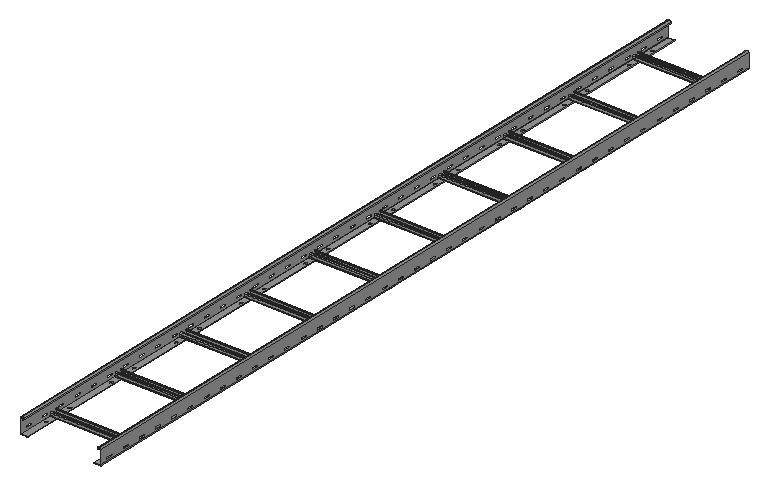
Revit family "Kabelleiter- LG630 VS 3 FS, FT, FT SO", category Generic Models, Revit 2017 (continued)
Forms (mm)
  Extrusion 80, void
    sketch origin (0, 2850, 0) x (0, 1, 0) y (0, 0, 1)
      loop
        arc (50.599, 9.5) -> (51.306, 9.793) -> (51.599, 10.5) r 1
        line (51.599, 10.5) -> (51.599, 17.5)
        arc (51.599, 17.5) -> (51.306, 18.207) -> (50.599, 18.5) r 1
        line (50.599, 18.5) -> (24.599, 18.5)
    from -150 to -148.5
  Extrusion 81, void
    sketch origin (0, 2925, 0) x (0, 1, 0) y (0, 0, 1)
      loop
        arc (24.599, 18.5) -> (23.891, 18.207) -> (23.599, 17.5) r 1
        line (23.599, 17.5) -> (23.599, 10.5)
        arc (23.599, 10.5) -> (23.891, 9.793) -> (24.599, 9.5) r 1
        line (24.599, 9.5) -> (50.599, 9.5)
        arc (50.599, 9.5) -> (51.306, 9.793) -> (51.599, 10.5) r 1
        line (51.599, 10.5) -> (51.599, 17.5)
        arc (51.599, 17.5) -> (51.306, 18.207) -> (50.599, 18.5) r 1
        line (50.599, 18.5) -> (24.599, 18.5)
    from -150 to -148.5
  Extrusion 82, solid, material "Hot-dip galvanised 85 µm" <- "Material"
    sketch origin (0, 0, 0) x (0, 1, 0) y (0, 0, 1)
      loop
        line (138, 13.5) -> (141.5, 13.5) -> (141.5, 15) -> (138, 15)
        arc (138, 15) -> (135.879, 14.121) -> (135, 12) r 3
        line (135, 12) -> (135, 3)
        arc (135, 3) -> (135.879, 0.879) -> (138, 0) r 3
        line (138, 0) -> (162, 0)
        arc (162, 0) -> (164.121, 0.879) -> (165, 3) r 3
        line (165, 3) -> (165, 12)
        arc (165, 12) -> (164.121, 14.121) -> (162, 15) r 3
        line (162, 15) -> (158.5, 15) -> (158.5, 13.5) -> (162, 13.5)
        arc (162, 13.5) -> (163.061, 13.061) -> (163.5, 12) r 1.5
        line (163.5, 12) -> (163.5, 3)
        arc (163.5, 3) -> (163.061, 1.939) -> (162, 1.5) r 1.5
        line (162, 1.5) -> (138, 1.5)
        arc (138, 1.5) -> (136.939, 1.939) -> (136.5, 3) r 1.5
        line (136.5, 3) -> (136.5, 12)
        arc (136.5, 12) -> (136.939, 13.061) -> (138, 13.5) r 1.5
    from -148.5 to 148.5
  Extrusion 83, void
    sketch origin (0, 0, 0) x (1, 0, 0) y (0, 1, 0)
      loop
        circle (131.979, 100.006) r 4.5
    from 0 to 1.5
  Extrusion 84, void
    sketch origin (0, 0, 0) x (1, 0, 0) y (0, 1, 0)
      loop
        circle (132.05, 207.095) r 4.5
    from 0 to 1.5
  Extrusion 85, void
    sketch origin (0, 300, 0) x (1, 0, 0) y (0, 1, 0)
      loop
        circle (131.979, 100.006) r 4.5
    from 0 to 1.5
  Extrusion 86, void
    sketch origin (0, 600, 0) x (1, 0, 0) y (0, 1, 0)
      loop
        circle (131.979, 100.006) r 4.5
    from 0 to 1.5
  Extrusion 87, void
    sketch origin (0, 900, 0) x (1, 0, 0) y (0, 1, 0)
      loop
        circle (131.979, 100.006) r 4.5
    from 0 to 1.5
  Extrusion 88, void
    sketch origin (0, 1200, 0) x (1, 0, 0) y (0, 1, 0)
      loop
        circle (131.979, 100.006) r 4.5
    from 0 to 1.5
  Extrusion 89, void
    sketch origin (0, 1500, 0) x (1, 0, 0) y (0, 1, 0)
      loop
        circle (131.979, 100.006) r 4.5
    from 0 to 1.5
  Extrusion 90, void
    sketch origin (0, 1800, 0) x (1, 0, 0) y (0, 1, 0)
      loop
        circle (131.979, 100.006) r 4.5
    from 0 to 1.5
  Extrusion 91, void
    sketch origin (0, 2100, 0) x (1, 0, 0) y (0, 1, 0)
      loop
        circle (131.979, 100.006) r 4.5
    from 0 to 1.5
  Extrusion 92, void
    sketch origin (0, 2400, 0) x (1, 0, 0) y (0, 1, 0)
      loop
        circle (131.979, 100.006) r 4.5
    from 0 to 1.5
  Extrusion 93, void
    sketch origin (0, 2700, 0) x (1, 0, 0) y (0, 1, 0)
      loop
        circle (131.979, 100.006) r 4.5
    from 0 to 1.5
  Extrusion 94, void
    sketch origin (0, 300, 0) x (1, 0, 0) y (0, 1, 0)
      loop
        circle (132.05, 207.095) r 4.5
    from 0 to 1.5
  Extrusion 95, void
    sketch origin (0, 600, 0) x (1, 0, 0) y (0, 1, 0)
      loop
        circle (132.05, 207.095) r 4.5
    from 0 to 1.5
  Extrusion 96, void
    sketch origin (0, 900, 0) x (1, 0, 0) y (0, 1, 0)
      loop
        circle (132.05, 207.095) r 4.5
    from 0 to 1.5
  Extrusion 97, void
    sketch origin (0, 1200, 0) x (1, 0, 0) y (0, 1, 0)
      loop
        circle (132.05, 207.095) r 4.5
    from 0 to 1.5
  Extrusion 98, void
    sketch origin (0, 1500, 0) x (1, 0, 0) y (0, 1, 0)
      loop
        circle (132.05, 207.095) r 4.5
    from 0 to 1.5
  Extrusion 99, void
    sketch origin (0, 1800, 0) x (1, 0, 0) y (0, 1, 0)
      loop
        circle (132.05, 207.095) r 4.5
    from 0 to 1.5
  Extrusion 100, void
    sketch origin (0, 2100, 0) x (1, 0, 0) y (0, 1, 0)
      loop
        circle (132.05, 207.095) r 4.5
    from 0 to 1.5
  Extrusion 101, void
    sketch origin (0, 2400, 0) x (1, 0, 0) y (0, 1, 0)
      loop
        circle (132.05, 207.095) r 4.5
    from 0 to 1.5
  Extrusion 102, void
    sketch origin (0, 2700, 0) x (1, 0, 0) y (0, 1, 0)
      loop
        circle (132.05, 207.095) r 4.5
    from 0 to 1.5
  Extrusion 103, void
    sketch origin (0, 0, 0) x (1, 0, 0) y (0, 1, 0)
      loop
        circle (-132, 100) r 4.5
    from 0 to 1.5
  Extrusion 104, void
    sketch origin (0, 300, 0) x (1, 0, 0) y (0, 1, 0)
      loop
        circle (-132, 100) r 4.5
    from 0 to 1.5
  Extrusion 105, void
    sketch origin (0, 600, 0) x (1, 0, 0) y (0, 1, 0)
      loop
        circle (-132, 100) r 4.5
    from 0 to 1.5
  Extrusion 106, void
    sketch origin (0, 900, 0) x (1, 0, 0) y (0, 1, 0)
      loop
        circle (-132, 100) r 4.5
    from 0 to 1.5
  Extrusion 107, void
    sketch origin (0, 1200, 0) x (1, 0, 0) y (0, 1, 0)
      loop
        circle (-132, 100) r 4.5
    from 0 to 1.5
  Extrusion 108, void
    sketch origin (0, 1500, 0) x (1, 0, 0) y (0, 1, 0)
      loop
        circle (-132, 100) r 4.5
    from 0 to 1.5
  Extrusion 109, void
    sketch origin (0, 1800, 0) x (1, 0, 0) y (0, 1, 0)
      loop
        circle (-132, 100) r 4.5
    from 0 to 1.5
  Extrusion 110, void
    sketch origin (0, 2100, 0) x (1, 0, 0) y (0, 1, 0)
      loop
        circle (-132, 100) r 4.5
    from 0 to 1.5
  Extrusion 111, void
    sketch origin (0, 2400, 0) x (1, 0, 0) y (0, 1, 0)
      loop
        circle (-132, 100) r 4.5
    from 0 to 1.5
  Extrusion 112, void
    sketch origin (0, 2700, 0) x (1, 0, 0) y (0, 1, 0)
      loop
        circle (-132, 100) r 4.5
    from 0 to 1.5
  Extrusion 113, void
    sketch origin (0, 0, 0) x (1, 0, 0) y (0, 1, 0)
      loop
        circle (-132, 207.053) r 4.5
    from 0 to 1.5
  Extrusion 114, void
    sketch origin (0, 300, 0) x (1, 0, 0) y (0, 1, 0)
      loop
        circle (-132, 207.053) r 4.5
    from 0 to 1.5
  Extrusion 115, void
    sketch origin (0, 600, 0) x (1, 0, 0) y (0, 1, 0)
      loop
        circle (-132, 207.053) r 4.5
    from 0 to 1.5
  Extrusion 116, void
    sketch origin (0, 900, 0) x (1, 0, 0) y (0, 1, 0)
      loop
        circle (-132, 207.053) r 4.5
    from 0 to 1.5
  Extrusion 117, void
    sketch origin (0, 1200, 0) x (1, 0, 0) y (0, 1, 0)
      loop
        circle (-132, 207.053) r 4.5
    from 0 to 1.5
  Extrusion 118, void
    sketch origin (0, 1500, 0) x (1, 0, 0) y (0, 1, 0)
      loop
        circle (-132, 207.053) r 4.5
    from 0 to 1.5
  Extrusion 119, void
    sketch origin (0, 1800, 0) x (1, 0, 0) y (0, 1, 0)
      loop
        circle (-132, 207.053) r 4.5
    from 0 to 1.5
  Extrusion 120, void
    sketch origin (0, 2100, 0) x (1, 0, 0) y (0, 1, 0)
      loop
        circle (-132, 207.053) r 4.5
    from 0 to 1.5
  Extrusion 121, void
    sketch origin (0, 2400, 0) x (1, 0, 0) y (0, 1, 0)
      loop
        circle (-132, 207.053) r 4.5
    from 0 to 1.5
  Extrusion 122, void
    sketch origin (0, 2700, 0) x (1, 0, 0) y (0, 1, 0)
      loop
        circle (-132, 207.053) r 4.5
    from 0 to 1.5
  Extrusion 123, void
    sketch origin (0, 0, 0) x (1, 0, 0) y (0, 1, 0)
      loop
        arc (-6.5, 153.5) -> (-10, 150) -> (-6.5, 146.5) r 3.5
        line (-6.5, 146.5) -> (6.5, 146.5)
        arc (6.5, 146.5) -> (10, 150) -> (6.5, 153.5) r 3.5
        line (6.5, 153.5) -> (-6.5, 153.5)
      loop
        arc (43.5, 153.5) -> (40, 150) -> (43.5, 146.5) r 3.5
        line (43.5, 146.5) -> (56.5, 146.5)
        arc (56.5, 146.5) -> (60, 150) -> (56.5, 153.5) r 3.5
        line (56.5, 153.5) -> (43.5, 153.5)
      loop
        arc (93.5, 153.5) -> (90, 150) -> (93.5, 146.5) r 3.5
        line (93.5, 146.5) -> (106.5, 146.5)
        arc (106.5, 146.5) -> (110, 150) -> (106.5, 153.5) r 3.5
        line (106.5, 153.5) -> (93.5, 153.5)
      loop
        arc (-56.5, 153.5) -> (-60, 150) -> (-56.5, 146.5) r 3.5
        line (-56.5, 146.5) -> (-43.5, 146.5)
        arc (-43.5, 146.5) -> (-40, 150) -> (-43.5, 153.5) r 3.5
        line (-43.5, 153.5) -> (-56.5, 153.5)
      loop
        arc (-104.5, 153.5) -> (-108, 150) -> (-104.5, 146.5) r 3.5
        line (-104.5, 146.5) -> (-91.5, 146.5)
        arc (-91.5, 146.5) -> (-88, 150) -> (-91.5, 153.5) r 3.5
        line (-91.5, 153.5) -> (-104.5, 153.5)
    from 0 to 1.46
  Extrusion 124, solid, not visible
    sketch origin (0, 0, 0) x (0, 1, 0) y (0, 0, 1)
      loop
        line (138, 13.5) -> (141.5, 13.5) -> (141.5, 15) -> (138, 15)
        arc (138, 15) -> (135.879, 14.121) -> (135, 12) r 3
        line (135, 12) -> (135, 3)
        arc (135, 3) -> (135.879, 0.879) -> (138, 0) r 3
        line (138, 0) -> (162, 0)
        arc (162, 0) -> (164.121, 0.879) -> (165, 3) r 3
        line (165, 3) -> (165, 12)
        arc (165, 12) -> (164.121, 14.121) -> (162, 15) r 3
        line (162, 15) -> (158.5, 15) -> (158.5, 13.5) -> (162, 13.5)
        arc (162, 13.5) -> (163.061, 13.061) -> (163.5, 12) r 1.5
        line (163.5, 12) -> (163.5, 3)
        arc (163.5, 3) -> (163.061, 1.939) -> (162, 1.5) r 1.5
        line (162, 1.5) -> (138, 1.5)
        arc (138, 1.5) -> (136.939, 1.939) -> (136.5, 3) r 1.5
        line (136.5, 3) -> (136.5, 12)
        arc (136.5, 12) -> (136.939, 13.061) -> (138, 13.5) r 1.5
    from -148.5 to 148.5
  Extrusion 125, solid, material "Hot-dip galvanised 85 µm" <- "Material"
    sketch origin (0, 300, 0) x (0, 1, 0) y (0, 0, 1)
      loop
        line (138, 13.5) -> (141.5, 13.5) -> (141.5, 15) -> (138, 15)
        arc (138, 15) -> (135.879, 14.121) -> (135, 12) r 3
        line (135, 12) -> (135, 3)
        arc (135, 3) -> (135.879, 0.879) -> (138, 0) r 3
        line (138, 0) -> (162, 0)
        arc (162, 0) -> (164.121, 0.879) -> (165, 3) r 3
        line (165, 3) -> (165, 12)
        arc (165, 12) -> (164.121, 14.121) -> (162, 15) r 3
        line (162, 15) -> (158.5, 15) -> (158.5, 13.5) -> (162, 13.5)
        arc (162, 13.5) -> (163.061, 13.061) -> (163.5, 12) r 1.5
        line (163.5, 12) -> (163.5, 3)
        arc (163.5, 3) -> (163.061, 1.939) -> (162, 1.5) r 1.5
        line (162, 1.5) -> (138, 1.5)
        arc (138, 1.5) -> (136.939, 1.939) -> (136.5, 3) r 1.5
        line (136.5, 3) -> (136.5, 12)
        arc (136.5, 12) -> (136.939, 13.061) -> (138, 13.5) r 1.5
    from -148.5 to 148.5
  Extrusion 126, void
    sketch origin (0, 300, 0) x (1, 0, 0) y (0, 1, 0)
      loop
        arc (-6.5, 153.5) -> (-10, 150) -> (-6.5, 146.5) r 3.5
        line (-6.5, 146.5) -> (6.5, 146.5)
        arc (6.5, 146.5) -> (10, 150) -> (6.5, 153.5) r 3.5
        line (6.5, 153.5) -> (-6.5, 153.5)
      loop
        arc (43.5, 153.5) -> (40, 150) -> (43.5, 146.5) r 3.5
        line (43.5, 146.5) -> (56.5, 146.5)
        arc (56.5, 146.5) -> (60, 150) -> (56.5, 153.5) r 3.5
        line (56.5, 153.5) -> (43.5, 153.5)
      loop
        arc (93.5, 153.5) -> (90, 150) -> (93.5, 146.5) r 3.5
        line (93.5, 146.5) -> (106.5, 146.5)
        arc (106.5, 146.5) -> (110, 150) -> (106.5, 153.5) r 3.5
        line (106.5, 153.5) -> (93.5, 153.5)
      loop
        arc (-56.5, 153.5) -> (-60, 150) -> (-56.5, 146.5) r 3.5
        line (-56.5, 146.5) -> (-43.5, 146.5)
        arc (-43.5, 146.5) -> (-40, 150) -> (-43.5, 153.5) r 3.5
        line (-43.5, 153.5) -> (-56.5, 153.5)
      loop
        arc (-104.5, 153.5) -> (-108, 150) -> (-104.5, 146.5) r 3.5
        line (-104.5, 146.5) -> (-91.5, 146.5)
        arc (-91.5, 146.5) -> (-88, 150) -> (-91.5, 153.5) r 3.5
        line (-91.5, 153.5) -> (-104.5, 153.5)
    from 0 to 1.46
  Extrusion 127, solid, material "Hot-dip galvanised 85 µm" <- "Material"
    sketch origin (0, 600, 0) x (0, 1, 0) y (0, 0, 1)
      loop
        line (138, 13.5) -> (141.5, 13.5) -> (141.5, 15) -> (138, 15)
        arc (138, 15) -> (135.879, 14.121) -> (135, 12) r 3
        line (135, 12) -> (135, 3)
        arc (135, 3) -> (135.879, 0.879) -> (138, 0) r 3
        line (138, 0) -> (162, 0)
        arc (162, 0) -> (164.121, 0.879) -> (165, 3) r 3
        line (165, 3) -> (165, 12)
        arc (165, 12) -> (164.121, 14.121) -> (162, 15) r 3
        line (162, 15) -> (158.5, 15) -> (158.5, 13.5) -> (162, 13.5)
        arc (162, 13.5) -> (163.061, 13.061) -> (163.5, 12) r 1.5
        line (163.5, 12) -> (163.5, 3)
        arc (163.5, 3) -> (163.061, 1.939) -> (162, 1.5) r 1.5
        line (162, 1.5) -> (138, 1.5)
        arc (138, 1.5) -> (136.939, 1.939) -> (136.5, 3) r 1.5
        line (136.5, 3) -> (136.5, 12)
        arc (136.5, 12) -> (136.939, 13.061) -> (138, 13.5) r 1.5
    from -148.5 to 148.5
  Extrusion 128, void
    sketch origin (0, 600, 0) x (1, 0, 0) y (0, 1, 0)
      loop
        arc (-6.5, 153.5) -> (-10, 150) -> (-6.5, 146.5) r 3.5
        line (-6.5, 146.5) -> (6.5, 146.5)
        arc (6.5, 146.5) -> (10, 150) -> (6.5, 153.5) r 3.5
        line (6.5, 153.5) -> (-6.5, 153.5)
      loop
        arc (43.5, 153.5) -> (40, 150) -> (43.5, 146.5) r 3.5
        line (43.5, 146.5) -> (56.5, 146.5)
        arc (56.5, 146.5) -> (60, 150) -> (56.5, 153.5) r 3.5
        line (56.5, 153.5) -> (43.5, 153.5)
      loop
        arc (93.5, 153.5) -> (90, 150) -> (93.5, 146.5) r 3.5
        line (93.5, 146.5) -> (106.5, 146.5)
        arc (106.5, 146.5) -> (110, 150) -> (106.5, 153.5) r 3.5
        line (106.5, 153.5) -> (93.5, 153.5)
      loop
        arc (-56.5, 153.5) -> (-60, 150) -> (-56.5, 146.5) r 3.5
        line (-56.5, 146.5) -> (-43.5, 146.5)
        arc (-43.5, 146.5) -> (-40, 150) -> (-43.5, 153.5) r 3.5
        line (-43.5, 153.5) -> (-56.5, 153.5)
      loop
        arc (-104.5, 153.5) -> (-108, 150) -> (-104.5, 146.5) r 3.5
        line (-104.5, 146.5) -> (-91.5, 146.5)
        arc (-91.5, 146.5) -> (-88, 150) -> (-91.5, 153.5) r 3.5
        line (-91.5, 153.5) -> (-104.5, 153.5)
    from 0 to 1.46
  Extrusion 129, solid, material "Hot-dip galvanised 85 µm" <- "Material"
    sketch origin (0, 900, 0) x (0, 1, 0) y (0, 0, 1)
      loop
        line (138, 13.5) -> (141.5, 13.5) -> (141.5, 15) -> (138, 15)
        arc (138, 15) -> (135.879, 14.121) -> (135, 12) r 3
        line (135, 12) -> (135, 3)
        arc (135, 3) -> (135.879, 0.879) -> (138, 0) r 3
        line (138, 0) -> (162, 0)
        arc (162, 0) -> (164.121, 0.879) -> (165, 3) r 3
        line (165, 3) -> (165, 12)
        arc (165, 12) -> (164.121, 14.121) -> (162, 15) r 3
        line (162, 15) -> (158.5, 15) -> (158.5, 13.5) -> (162, 13.5)
        arc (162, 13.5) -> (163.061, 13.061) -> (163.5, 12) r 1.5
        line (163.5, 12) -> (163.5, 3)
        arc (163.5, 3) -> (163.061, 1.939) -> (162, 1.5) r 1.5
        line (162, 1.5) -> (138, 1.5)
        arc (138, 1.5) -> (136.939, 1.939) -> (136.5, 3) r 1.5
        line (136.5, 3) -> (136.5, 12)
        arc (136.5, 12) -> (136.939, 13.061) -> (138, 13.5) r 1.5
    from -148.5 to 148.5
  Extrusion 130, void
    sketch origin (0, 900, 0) x (1, 0, 0) y (0, 1, 0)
      loop
        arc (-6.5, 153.5) -> (-10, 150) -> (-6.5, 146.5) r 3.5
        line (-6.5, 146.5) -> (6.5, 146.5)
        arc (6.5, 146.5) -> (10, 150) -> (6.5, 153.5) r 3.5
        line (6.5, 153.5) -> (-6.5, 153.5)
      loop
        arc (43.5, 153.5) -> (40, 150) -> (43.5, 146.5) r 3.5
        line (43.5, 146.5) -> (56.5, 146.5)
        arc (56.5, 146.5) -> (60, 150) -> (56.5, 153.5) r 3.5
        line (56.5, 153.5) -> (43.5, 153.5)
      loop
        arc (93.5, 153.5) -> (90, 150) -> (93.5, 146.5) r 3.5
        line (93.5, 146.5) -> (106.5, 146.5)
        arc (106.5, 146.5) -> (110, 150) -> (106.5, 153.5) r 3.5
        line (106.5, 153.5) -> (93.5, 153.5)
      loop
        arc (-56.5, 153.5) -> (-60, 150) -> (-56.5, 146.5) r 3.5
        line (-56.5, 146.5) -> (-43.5, 146.5)
        arc (-43.5, 146.5) -> (-40, 150) -> (-43.5, 153.5) r 3.5
        line (-43.5, 153.5) -> (-56.5, 153.5)
      loop
        arc (-104.5, 153.5) -> (-108, 150) -> (-104.5, 146.5) r 3.5
        line (-104.5, 146.5) -> (-91.5, 146.5)
        arc (-91.5, 146.5) -> (-88, 150) -> (-91.5, 153.5) r 3.5
        line (-91.5, 153.5) -> (-104.5, 153.5)
    from 0 to 1.46
  Extrusion 131, solid, material "Hot-dip galvanised 85 µm" <- "Material"
    sketch origin (0, 1200, 0) x (0, 1, 0) y (0, 0, 1)
      loop
        line (138, 13.5) -> (141.5, 13.5) -> (141.5, 15) -> (138, 15)
        arc (138, 15) -> (135.879, 14.121) -> (135, 12) r 3
        line (135, 12) -> (135, 3)
        arc (135, 3) -> (135.879, 0.879) -> (138, 0) r 3
        line (138, 0) -> (162, 0)
        arc (162, 0) -> (164.121, 0.879) -> (165, 3) r 3
        line (165, 3) -> (165, 12)
        arc (165, 12) -> (164.121, 14.121) -> (162, 15) r 3
        line (162, 15) -> (158.5, 15) -> (158.5, 13.5) -> (162, 13.5)
        arc (162, 13.5) -> (163.061, 13.061) -> (163.5, 12) r 1.5
        line (163.5, 12) -> (163.5, 3)
        arc (163.5, 3) -> (163.061, 1.939) -> (162, 1.5) r 1.5
        line (162, 1.5) -> (138, 1.5)
        arc (138, 1.5) -> (136.939, 1.939) -> (136.5, 3) r 1.5
        line (136.5, 3) -> (136.5, 12)
        arc (136.5, 12) -> (136.939, 13.061) -> (138, 13.5) r 1.5
    from -148.5 to 148.5
  Extrusion 132, void
    sketch origin (0, 1200, 0) x (1, 0, 0) y (0, 1, 0)
      loop
        arc (-6.5, 153.5) -> (-10, 150) -> (-6.5, 146.5) r 3.5
        line (-6.5, 146.5) -> (6.5, 146.5)
        arc (6.5, 146.5) -> (10, 150) -> (6.5, 153.5) r 3.5
        line (6.5, 153.5) -> (-6.5, 153.5)
      loop
        arc (43.5, 153.5) -> (40, 150) -> (43.5, 146.5) r 3.5
        line (43.5, 146.5) -> (56.5, 146.5)
        arc (56.5, 146.5) -> (60, 150) -> (56.5, 153.5) r 3.5
        line (56.5, 153.5) -> (43.5, 153.5)
      loop
        arc (93.5, 153.5) -> (90, 150) -> (93.5, 146.5) r 3.5
        line (93.5, 146.5) -> (106.5, 146.5)
        arc (106.5, 146.5) -> (110, 150) -> (106.5, 153.5) r 3.5
        line (106.5, 153.5) -> (93.5, 153.5)
      loop
        arc (-56.5, 153.5) -> (-60, 150) -> (-56.5, 146.5) r 3.5
        line (-56.5, 146.5) -> (-43.5, 146.5)
        arc (-43.5, 146.5) -> (-40, 150) -> (-43.5, 153.5) r 3.5
        line (-43.5, 153.5) -> (-56.5, 153.5)
      loop
        arc (-104.5, 153.5) -> (-108, 150) -> (-104.5, 146.5) r 3.5
        line (-104.5, 146.5) -> (-91.5, 146.5)
        arc (-91.5, 146.5) -> (-88, 150) -> (-91.5, 153.5) r 3.5
        line (-91.5, 153.5) -> (-104.5, 153.5)
    from 0 to 1.46
  Extrusion 133, solid, material "Hot-dip galvanised 85 µm" <- "Material"
    sketch origin (0, 1500, 0) x (0, 1, 0) y (0, 0, 1)
      loop
        line (138, 13.5) -> (141.5, 13.5) -> (141.5, 15) -> (138, 15)
        arc (138, 15) -> (135.879, 14.121) -> (135, 12) r 3
        line (135, 12) -> (135, 3)
        arc (135, 3) -> (135.879, 0.879) -> (138, 0) r 3
        line (138, 0) -> (162, 0)
        arc (162, 0) -> (164.121, 0.879) -> (165, 3) r 3
        line (165, 3) -> (165, 12)
        arc (165, 12) -> (164.121, 14.121) -> (162, 15) r 3
        line (162, 15) -> (158.5, 15) -> (158.5, 13.5) -> (162, 13.5)
        arc (162, 13.5) -> (163.061, 13.061) -> (163.5, 12) r 1.5
        line (163.5, 12) -> (163.5, 3)
        arc (163.5, 3) -> (163.061, 1.939) -> (162, 1.5) r 1.5
        line (162, 1.5) -> (138, 1.5)
        arc (138, 1.5) -> (136.939, 1.939) -> (136.5, 3) r 1.5
        line (136.5, 3) -> (136.5, 12)
        arc (136.5, 12) -> (136.939, 13.061) -> (138, 13.5) r 1.5
    from -148.5 to 148.5
  Extrusion 134, void
    sketch origin (0, 1500, 0) x (1, 0, 0) y (0, 1, 0)
      loop
        arc (-6.5, 153.5) -> (-10, 150) -> (-6.5, 146.5) r 3.5
        line (-6.5, 146.5) -> (6.5, 146.5)
        arc (6.5, 146.5) -> (10, 150) -> (6.5, 153.5) r 3.5
        line (6.5, 153.5) -> (-6.5, 153.5)
      loop
        arc (43.5, 153.5) -> (40, 150) -> (43.5, 146.5) r 3.5
        line (43.5, 146.5) -> (56.5, 146.5)
        arc (56.5, 146.5) -> (60, 150) -> (56.5, 153.5) r 3.5
        line (56.5, 153.5) -> (43.5, 153.5)
      loop
        arc (93.5, 153.5) -> (90, 150) -> (93.5, 146.5) r 3.5
        line (93.5, 146.5) -> (106.5, 146.5)
        arc (106.5, 146.5) -> (110, 150) -> (106.5, 153.5) r 3.5
        line (106.5, 153.5) -> (93.5, 153.5)
      loop
        arc (-56.5, 153.5) -> (-60, 150) -> (-56.5, 146.5) r 3.5
        line (-56.5, 146.5) -> (-43.5, 146.5)
        arc (-43.5, 146.5) -> (-40, 150) -> (-43.5, 153.5) r 3.5
        line (-43.5, 153.5) -> (-56.5, 153.5)
      loop
        arc (-104.5, 153.5) -> (-108, 150) -> (-104.5, 146.5) r 3.5
        line (-104.5, 146.5) -> (-91.5, 146.5)
        arc (-91.5, 146.5) -> (-88, 150) -> (-91.5, 153.5) r 3.5
        line (-91.5, 153.5) -> (-104.5, 153.5)
    from 0 to 1.46
  Extrusion 135, solid, material "Hot-dip galvanised 85 µm" <- "Material"
    sketch origin (0, 1800, 0) x (0, 1, 0) y (0, 0, 1)
      loop
        line (138, 13.5) -> (141.5, 13.5) -> (141.5, 15) -> (138, 15)
        arc (138, 15) -> (135.879, 14.121) -> (135, 12) r 3
        line (135, 12) -> (135, 3)
        arc (135, 3) -> (135.879, 0.879) -> (138, 0) r 3
        line (138, 0) -> (162, 0)
        arc (162, 0) -> (164.121, 0.879) -> (165, 3) r 3
        line (165, 3) -> (165, 12)
        arc (165, 12) -> (164.121, 14.121) -> (162, 15) r 3
        line (162, 15) -> (158.5, 15) -> (158.5, 13.5) -> (162, 13.5)
        arc (162, 13.5) -> (163.061, 13.061) -> (163.5, 12) r 1.5
        line (163.5, 12) -> (163.5, 3)
        arc (163.5, 3) -> (163.061, 1.939) -> (162, 1.5) r 1.5
        line (162, 1.5) -> (138, 1.5)
        arc (138, 1.5) -> (136.939, 1.939) -> (136.5, 3) r 1.5
        line (136.5, 3) -> (136.5, 12)
        arc (136.5, 12) -> (136.939, 13.061) -> (138, 13.5) r 1.5
    from -148.5 to 148.5
  Extrusion 136, void
    sketch origin (0, 1800, 0) x (1, 0, 0) y (0, 1, 0)
      loop
        arc (-6.5, 153.5) -> (-10, 150) -> (-6.5, 146.5) r 3.5
        line (-6.5, 146.5) -> (6.5, 146.5)
        arc (6.5, 146.5) -> (10, 150) -> (6.5, 153.5) r 3.5
        line (6.5, 153.5) -> (-6.5, 153.5)
      loop
        arc (43.5, 153.5) -> (40, 150) -> (43.5, 146.5) r 3.5
        line (43.5, 146.5) -> (56.5, 146.5)
        arc (56.5, 146.5) -> (60, 150) -> (56.5, 153.5) r 3.5
        line (56.5, 153.5) -> (43.5, 153.5)
      loop
        arc (93.5, 153.5) -> (90, 150) -> (93.5, 146.5) r 3.5
        line (93.5, 146.5) -> (106.5, 146.5)
        arc (106.5, 146.5) -> (110, 150) -> (106.5, 153.5) r 3.5
        line (106.5, 153.5) -> (93.5, 153.5)
      loop
        arc (-56.5, 153.5) -> (-60, 150) -> (-56.5, 146.5) r 3.5
        line (-56.5, 146.5) -> (-43.5, 146.5)
        arc (-43.5, 146.5) -> (-40, 150) -> (-43.5, 153.5) r 3.5
        line (-43.5, 153.5) -> (-56.5, 153.5)
      loop
        arc (-104.5, 153.5) -> (-108, 150) -> (-104.5, 146.5) r 3.5
        line (-104.5, 146.5) -> (-91.5, 146.5)
        arc (-91.5, 146.5) -> (-88, 150) -> (-91.5, 153.5) r 3.5
        line (-91.5, 153.5) -> (-104.5, 153.5)
    from 0 to 1.46
  Extrusion 137, solid, material "Hot-dip galvanised 85 µm" <- "Material"
    sketch origin (0, 2100, 0) x (0, 1, 0) y (0, 0, 1)
      loop
        line (138, 13.5) -> (141.5, 13.5) -> (141.5, 15) -> (138, 15)
        arc (138, 15) -> (135.879, 14.121) -> (135, 12) r 3
        line (135, 12) -> (135, 3)
        arc (135, 3) -> (135.879, 0.879) -> (138, 0) r 3
        line (138, 0) -> (162, 0)
        arc (162, 0) -> (164.121, 0.879) -> (165, 3) r 3
        line (165, 3) -> (165, 12)
        arc (165, 12) -> (164.121, 14.121) -> (162, 15) r 3
        line (162, 15) -> (158.5, 15) -> (158.5, 13.5) -> (162, 13.5)
        arc (162, 13.5) -> (163.061, 13.061) -> (163.5, 12) r 1.5
        line (163.5, 12) -> (163.5, 3)
        arc (163.5, 3) -> (163.061, 1.939) -> (162, 1.5) r 1.5
        line (162, 1.5) -> (138, 1.5)
        arc (138, 1.5) -> (136.939, 1.939) -> (136.5, 3) r 1.5
        line (136.5, 3) -> (136.5, 12)
        arc (136.5, 12) -> (136.939, 13.061) -> (138, 13.5) r 1.5
    from -148.5 to 148.5
  Extrusion 138, void
    sketch origin (0, 2100, 0) x (1, 0, 0) y (0, 1, 0)
      loop
        arc (-6.5, 153.5) -> (-10, 150) -> (-6.5, 146.5) r 3.5
        line (-6.5, 146.5) -> (6.5, 146.5)
        arc (6.5, 146.5) -> (10, 150) -> (6.5, 153.5) r 3.5
        line (6.5, 153.5) -> (-6.5, 153.5)
      loop
        arc (43.5, 153.5) -> (40, 150) -> (43.5, 146.5) r 3.5
        line (43.5, 146.5) -> (56.5, 146.5)
        arc (56.5, 146.5) -> (60, 150) -> (56.5, 153.5) r 3.5
        line (56.5, 153.5) -> (43.5, 153.5)
      loop
        arc (93.5, 153.5) -> (90, 150) -> (93.5, 146.5) r 3.5
        line (93.5, 146.5) -> (106.5, 146.5)
        arc (106.5, 146.5) -> (110, 150) -> (106.5, 153.5) r 3.5
        line (106.5, 153.5) -> (93.5, 153.5)
      loop
        arc (-56.5, 153.5) -> (-60, 150) -> (-56.5, 146.5) r 3.5
        line (-56.5, 146.5) -> (-43.5, 146.5)
        arc (-43.5, 146.5) -> (-40, 150) -> (-43.5, 153.5) r 3.5
        line (-43.5, 153.5) -> (-56.5, 153.5)
      loop
        arc (-104.5, 153.5) -> (-108, 150) -> (-104.5, 146.5) r 3.5
        line (-104.5, 146.5) -> (-91.5, 146.5)
        arc (-91.5, 146.5) -> (-88, 150) -> (-91.5, 153.5) r 3.5
        line (-91.5, 153.5) -> (-104.5, 153.5)
    from 0 to 1.46
  Extrusion 139, solid, material "Hot-dip galvanised 85 µm" <- "Material"
    sketch origin (0, 2400, 0) x (0, 1, 0) y (0, 0, 1)
      loop
        line (138, 13.5) -> (141.5, 13.5) -> (141.5, 15) -> (138, 15)
        arc (138, 15) -> (135.879, 14.121) -> (135, 12) r 3
        line (135, 12) -> (135, 3)
        arc (135, 3) -> (135.879, 0.879) -> (138, 0) r 3
        line (138, 0) -> (162, 0)
        arc (162, 0) -> (164.121, 0.879) -> (165, 3) r 3
        line (165, 3) -> (165, 12)
        arc (165, 12) -> (164.121, 14.121) -> (162, 15) r 3
        line (162, 15) -> (158.5, 15) -> (158.5, 13.5) -> (162, 13.5)
        arc (162, 13.5) -> (163.061, 13.061) -> (163.5, 12) r 1.5
        line (163.5, 12) -> (163.5, 3)
        arc (163.5, 3) -> (163.061, 1.939) -> (162, 1.5) r 1.5
        line (162, 1.5) -> (138, 1.5)
        arc (138, 1.5) -> (136.939, 1.939) -> (136.5, 3) r 1.5
        line (136.5, 3) -> (136.5, 12)
        arc (136.5, 12) -> (136.939, 13.061) -> (138, 13.5) r 1.5
    from -148.5 to 148.5
  Extrusion 140, void
    sketch origin (0, 2400, 0) x (1, 0, 0) y (0, 1, 0)
      loop
        arc (-6.5, 153.5) -> (-10, 150) -> (-6.5, 146.5) r 3.5
        line (-6.5, 146.5) -> (6.5, 146.5)
        arc (6.5, 146.5) -> (10, 150) -> (6.5, 153.5) r 3.5
        line (6.5, 153.5) -> (-6.5, 153.5)
      loop
        arc (43.5, 153.5) -> (40, 150) -> (43.5, 146.5) r 3.5
        line (43.5, 146.5) -> (56.5, 146.5)
        arc (56.5, 146.5) -> (60, 150) -> (56.5, 153.5) r 3.5
        line (56.5, 153.5) -> (43.5, 153.5)
      loop
        arc (93.5, 153.5) -> (90, 150) -> (93.5, 146.5) r 3.5
        line (93.5, 146.5) -> (106.5, 146.5)
        arc (106.5, 146.5) -> (110, 150) -> (106.5, 153.5) r 3.5
        line (106.5, 153.5) -> (93.5, 153.5)
      loop
        arc (-56.5, 153.5) -> (-60, 150) -> (-56.5, 146.5) r 3.5
        line (-56.5, 146.5) -> (-43.5, 146.5)
        arc (-43.5, 146.5) -> (-40, 150) -> (-43.5, 153.5) r 3.5
        line (-43.5, 153.5) -> (-56.5, 153.5)
      loop
        arc (-104.5, 153.5) -> (-108, 150) -> (-104.5, 146.5) r 3.5
        line (-104.5, 146.5) -> (-91.5, 146.5)
        arc (-91.5, 146.5) -> (-88, 150) -> (-91.5, 153.5) r 3.5
        line (-91.5, 153.5) -> (-104.5, 153.5)
    from 0 to 1.46
  Extrusion 141, solid, material "Hot-dip galvanised 85 µm" <- "Material"
    sketch origin (0, 2700, 0) x (0, 1, 0) y (0, 0, 1)
      loop
        line (138, 13.5) -> (141.5, 13.5) -> (141.5, 15) -> (138, 15)
        arc (138, 15) -> (135.879, 14.121) -> (135, 12) r 3
        line (135, 12) -> (135, 3)
        arc (135, 3) -> (135.879, 0.879) -> (138, 0) r 3
        line (138, 0) -> (162, 0)
        arc (162, 0) -> (164.121, 0.879) -> (165, 3) r 3
        line (165, 3) -> (165, 12)
        arc (165, 12) -> (164.121, 14.121) -> (162, 15) r 3
        line (162, 15) -> (158.5, 15) -> (158.5, 13.5) -> (162, 13.5)
        arc (162, 13.5) -> (163.061, 13.061) -> (163.5, 12) r 1.5
        line (163.5, 12) -> (163.5, 3)
        arc (163.5, 3) -> (163.061, 1.939) -> (162, 1.5) r 1.5
        line (162, 1.5) -> (138, 1.5)
        arc (138, 1.5) -> (136.939, 1.939) -> (136.5, 3) r 1.5
        line (136.5, 3) -> (136.5, 12)
        arc (136.5, 12) -> (136.939, 13.061) -> (138, 13.5) r 1.5
    from -148.5 to 148.5
  Extrusion 142, void
    sketch origin (0, 2700, 0) x (1, 0, 0) y (0, 1, 0)
      loop
        arc (-6.5, 153.5) -> (-10, 150) -> (-6.5, 146.5) r 3.5
        line (-6.5, 146.5) -> (6.5, 146.5)
        arc (6.5, 146.5) -> (10, 150) -> (6.5, 153.5) r 3.5
        line (6.5, 153.5) -> (-6.5, 153.5)
      loop
        arc (43.5, 153.5) -> (40, 150) -> (43.5, 146.5) r 3.5
        line (43.5, 146.5) -> (56.5, 146.5)
        arc (56.5, 146.5) -> (60, 150) -> (56.5, 153.5) r 3.5
        line (56.5, 153.5) -> (43.5, 153.5)
      loop
        arc (93.5, 153.5) -> (90, 150) -> (93.5, 146.5) r 3.5
        line (93.5, 146.5) -> (106.5, 146.5)
        arc (106.5, 146.5) -> (110, 150) -> (106.5, 153.5) r 3.5
        line (106.5, 153.5) -> (93.5, 153.5)
      loop
        arc (-56.5, 153.5) -> (-60, 150) -> (-56.5, 146.5) r 3.5
        line (-56.5, 146.5) -> (-43.5, 146.5)
        arc (-43.5, 146.5) -> (-40, 150) -> (-43.5, 153.5) r 3.5
        line (-43.5, 153.5) -> (-56.5, 153.5)
      loop
        arc (-104.5, 153.5) -> (-108, 150) -> (-104.5, 146.5) r 3.5
        line (-104.5, 146.5) -> (-91.5, 146.5)
        arc (-91.5, 146.5) -> (-88, 150) -> (-91.5, 153.5) r 3.5
        line (-91.5, 153.5) -> (-104.5, 153.5)
    from 0 to 1.46
Cuts and joins
  Extrusion 2, Extrusion 3, Extrusion 4, Extrusion 5, Extrusion 6, Extrusion 7, Extrusion 8, Extrusion 9, Extrusion 10, Extrusion 11, Extrusion 12, Extrusion 13, Extrusion 14, Extrusion 15, Extrusion 16, Extrusion 17, Extrusion 18, Extrusion 19, Extrusion 20, Extrusion 21, Extrusion 22, Extrusion 23, Extrusion 24, Extrusion 25, Extrusion 26, Extrusion 27, Extrusion 28, Extrusion 29, Extrusion 30, Extrusion 31, Extrusion 32, Extrusion 33, Extrusion 34, Extrusion 35, Extrusion 36, Extrusion 37, Extrusion 38, Extrusion 39, Extrusion 40, Extrusion 41, Extrusion 42, Extrusion 43, Extrusion 44, Extrusion 45, Extrusion 46, Extrusion 47, Extrusion 48, Extrusion 49, Extrusion 50, Extrusion 51, Extrusion 52, Extrusion 53, Extrusion 54, Extrusion 55, Extrusion 56, Extrusion 57, Extrusion 58, Extrusion 59, Extrusion 60, Extrusion 61, Extrusion 62, Extrusion 63, Extrusion 64, Extrusion 65, Extrusion 66, Extrusion 67, Extrusion 68, Extrusion 69, Extrusion 70, Extrusion 71, Extrusion 72, Extrusion 73, Extrusion 74, Extrusion 75, Extrusion 76, Extrusion 77, Extrusion 78, Extrusion 79, Extrusion 80, Extrusion 81, Extrusion 83, Extrusion 84, Extrusion 85, Extrusion 86, Extrusion 87, Extrusion 88, Extrusion 89, Extrusion 90, Extrusion 91, Extrusion 92, Extrusion 93, Extrusion 94, Extrusion 95, Extrusion 96, Extrusion 97, Extrusion 98, Extrusion 99, Extrusion 100, Extrusion 101, Extrusion 102, Extrusion 103, Extrusion 104, Extrusion 105, Extrusion 106, Extrusion 107, Extrusion 108, Extrusion 109, Extrusion 110, Extrusion 111, Extrusion 112, Extrusion 113, Extrusion 114, Extrusion 115, Extrusion 116, Extrusion 117, Extrusion 118, Extrusion 119, Extrusion 120, Extrusion 121, Extrusion 122 cuts Extrusion 1
  Extrusion 123, Extrusion 126 cuts Extrusion 82
  Extrusion 126 cuts Extrusion 125
  Extrusion 128 cuts Extrusion 127
  Extrusion 130 cuts Extrusion 129
  Extrusion 132 cuts Extrusion 131
  Extrusion 134 cuts Extrusion 133
  Extrusion 136 cuts Extrusion 135
  Extrusion 138 cuts Extrusion 137
  Extrusion 140 cuts Extrusion 139
  Extrusion 142 cuts Extrusion 141
Dimensions and locks
  "Height": plane 4 to level
  "Width": Extrusion 1 sketch curve to Extrusion 1 sketch curve
  "Width/2": plane 3 "Center (Left/Right)" to Extrusion 1 sketch curve
  locked: Extrusion 1 sketch curve to Extrusion 1 sketch curve at 27  (x2)
  locked: Extrusion 1 sketch curve to Extrusion 1 sketch curve at 12  (x2)
  locked: plane 4 to plane 5 at 9
  locked: Extrusion 1 to Extrusion 1 at 1.5  (x6)
  "Length": Extrusion 1 to Extrusion 1
  locked: Extrusion 2 sketch curve to Extrusion 2 sketch curve at 9
  plane 10 to Extrusion 2 sketch curve = 4.5 mm
  locked: Extrusion 2 sketch curve to Extrusion 2 sketch curve at 28
  plane 12 to cut or joined group of Extrusion 1, Extrusion 2, Extrusion 3, Extrusion 4, Extrusion 5, Extrusion 6, Extrusion 7, Extrusion 8, Extrusion 9, Extrusion 10, Extrusion 11, Extrusion 12, Extrusion 13, Extrusion 14, Extrusion 15, Extrusion 16, Extrusion 17, Extrusion 18, Extrusion 19, Extrusion 20, Extrusion 21, Extrusion 22, Extrusion 23, Extrusion 24, Extrusion 25, Extrusion 26, Extrusion 27, Extrusion 28, Extrusion 29, Extrusion 30, Extrusion 31, Extrusion 32, Extrusion 33, Extrusion 34, Extrusion 35, Extrusion 36, Extrusion 37, Extrusion 38, Extrusion 39, Extrusion 40, Extrusion 41, Extrusion 42, Extrusion 43, Extrusion 44, Extrusion 45, Extrusion 46, Extrusion 47, Extrusion 48, Extrusion 49, Extrusion 50, Extrusion 51, Extrusion 52, Extrusion 53, Extrusion 54, Extrusion 55, Extrusion 56, Extrusion 57, Extrusion 58, Extrusion 59, Extrusion 60, Extrusion 61, Extrusion 62, Extrusion 63, Extrusion 64, Extrusion 65, Extrusion 66, Extrusion 67, Extrusion 68, Extrusion 69, Extrusion 70, Extrusion 71, Extrusion 72, Extrusion 73, Extrusion 74, Extrusion 75, Extrusion 76, Extrusion 77, Extrusion 78, Extrusion 79, Extrusion 80, Extrusion 81, Extrusion 83, Extrusion 84, Extrusion 85, Extrusion 86, Extrusion 87, Extrusion 88, Extrusion 89, Extrusion 90, Extrusion 91, Extrusion 92, Extrusion 93, Extrusion 94, Extrusion 95, Extrusion 96, Extrusion 97, Extrusion 98, Extrusion 99, Extrusion 100, Extrusion 101, Extrusion 102, Extrusion 103, Extrusion 104, Extrusion 105, Extrusion 106, Extrusion 107, Extrusion 108, Extrusion 109, Extrusion 110, Extrusion 111, Extrusion 112, Extrusion 113, Extrusion 114, Extrusion 115, Extrusion 116, Extrusion 117, Extrusion 118, Extrusion 119, Extrusion 120, Extrusion 121, Extrusion 122 = 14 mm
  locked: plane 13 to level at 14
  locked: Extrusion 3 sketch curve to Extrusion 3 sketch curve at 9
  plane 15 to Extrusion 3 sketch curve = 4.5 mm
  locked: Extrusion 3 sketch curve to Extrusion 3 sketch curve at 28
  Extrusion 3 sketch curve to Extrusion 3 sketch curve = 9 mm
  locked: Extrusion 4 sketch curve to Extrusion 4 sketch curve at 9
  plane 16 to Extrusion 4 sketch curve = 4.5 mm
  locked: Extrusion 4 sketch curve to Extrusion 4 sketch curve at 28
  Extrusion 4 sketch curve to Extrusion 4 sketch curve = 9 mm
  equal spacing: group 2, group 3, group 4, group 5, group 6, group 7, group 8, group 9, group 10, group 11, group 12, group 13, group 14, group 15, group 16, group 17, group 18, group 19, group 20, group 21, group 22, group 23, group 24, group 25, group 26, group 27, group 28, group 29, group 30, group 31, group 32, group 33, group 34, group 35, group 36, group 37, group 38, group 39, group 40, group 41  (x3)
  locked: Extrusion 5 sketch curve to Extrusion 5 sketch curve at 9
  plane 17 to Extrusion 5 sketch curve = 4.5 mm
  locked: Extrusion 5 sketch curve to Extrusion 5 sketch curve at 28
  Extrusion 5 sketch curve to Extrusion 5 sketch curve = 9 mm
  locked: Extrusion 6 sketch curve to Extrusion 6 sketch curve at 9
  plane 18 to Extrusion 6 sketch curve = 4.5 mm
  locked: Extrusion 6 sketch curve to Extrusion 6 sketch curve at 28
  Extrusion 6 sketch curve to Extrusion 6 sketch curve = 9 mm
  locked: Extrusion 7 sketch curve to Extrusion 7 sketch curve at 9
  plane 19 to Extrusion 7 sketch curve = 4.5 mm
  locked: Extrusion 7 sketch curve to Extrusion 7 sketch curve at 28
  Extrusion 7 sketch curve to Extrusion 7 sketch curve = 9 mm
  locked: Extrusion 8 sketch curve to Extrusion 8 sketch curve at 9
  plane 20 to Extrusion 8 sketch curve = 4.5 mm
  locked: Extrusion 8 sketch curve to Extrusion 8 sketch curve at 28
  Extrusion 8 sketch curve to Extrusion 8 sketch curve = 9 mm
  locked: Extrusion 9 sketch curve to Extrusion 9 sketch curve at 9
  plane 21 to Extrusion 9 sketch curve = 4.5 mm
  locked: Extrusion 9 sketch curve to Extrusion 9 sketch curve at 28
  Extrusion 9 sketch curve to Extrusion 9 sketch curve = 9 mm
  locked: Extrusion 10 sketch curve to Extrusion 10 sketch curve at 9
  plane 22 to Extrusion 10 sketch curve = 4.5 mm
  locked: Extrusion 10 sketch curve to Extrusion 10 sketch curve at 28
  Extrusion 10 sketch curve to Extrusion 10 sketch curve = 9 mm
  locked: Extrusion 11 sketch curve to Extrusion 11 sketch curve at 9
  plane 23 to Extrusion 11 sketch curve = 4.5 mm
  locked: Extrusion 11 sketch curve to Extrusion 11 sketch curve at 28
  Extrusion 11 sketch curve to Extrusion 11 sketch curve = 9 mm
  locked: Extrusion 12 sketch curve to Extrusion 12 sketch curve at 9
  plane 24 to Extrusion 12 sketch curve = 4.5 mm
  locked: Extrusion 12 sketch curve to Extrusion 12 sketch curve at 28
  Extrusion 12 sketch curve to Extrusion 12 sketch curve = 9 mm
  locked: Extrusion 13 sketch curve to Extrusion 13 sketch curve at 9
  plane 25 to Extrusion 13 sketch curve = 4.5 mm
  locked: Extrusion 13 sketch curve to Extrusion 13 sketch curve at 28
  Extrusion 13 sketch curve to Extrusion 13 sketch curve = 9 mm
  locked: Extrusion 14 sketch curve to Extrusion 14 sketch curve at 9
  plane 26 to Extrusion 14 sketch curve = 4.5 mm
  locked: Extrusion 14 sketch curve to Extrusion 14 sketch curve at 28
  Extrusion 14 sketch curve to Extrusion 14 sketch curve = 9 mm
  locked: Extrusion 15 sketch curve to Extrusion 15 sketch curve at 9
  plane 27 to Extrusion 15 sketch curve = 4.5 mm
  locked: Extrusion 15 sketch curve to Extrusion 15 sketch curve at 28
  Extrusion 15 sketch curve to Extrusion 15 sketch curve = 9 mm
  locked: Extrusion 16 sketch curve to Extrusion 16 sketch curve at 9
  plane 28 to Extrusion 16 sketch curve = 4.5 mm
  locked: Extrusion 16 sketch curve to Extrusion 16 sketch curve at 28
  Extrusion 16 sketch curve to Extrusion 16 sketch curve = 9 mm
  locked: Extrusion 17 sketch curve to Extrusion 17 sketch curve at 9
  plane 29 to Extrusion 17 sketch curve = 4.5 mm
  locked: Extrusion 17 sketch curve to Extrusion 17 sketch curve at 28
  Extrusion 17 sketch curve to Extrusion 17 sketch curve = 9 mm
  locked: Extrusion 18 sketch curve to Extrusion 18 sketch curve at 9
  plane 30 to Extrusion 18 sketch curve = 4.5 mm
  locked: Extrusion 18 sketch curve to Extrusion 18 sketch curve at 28
  Extrusion 18 sketch curve to Extrusion 18 sketch curve = 9 mm
  locked: Extrusion 19 sketch curve to Extrusion 19 sketch curve at 9
  plane 31 to Extrusion 19 sketch curve = 4.5 mm
  locked: Extrusion 19 sketch curve to Extrusion 19 sketch curve at 28
  Extrusion 19 sketch curve to Extrusion 19 sketch curve = 9 mm
  locked: Extrusion 20 sketch curve to Extrusion 20 sketch curve at 9
  plane 32 to Extrusion 20 sketch curve = 4.5 mm
  locked: Extrusion 20 sketch curve to Extrusion 20 sketch curve at 28
  Extrusion 20 sketch curve to Extrusion 20 sketch curve = 9 mm
  locked: Extrusion 21 sketch curve to Extrusion 21 sketch curve at 9
  plane 33 to Extrusion 21 sketch curve = 4.5 mm
  locked: Extrusion 21 sketch curve to Extrusion 21 sketch curve at 28
  Extrusion 21 sketch curve to Extrusion 21 sketch curve = 9 mm
  locked: Extrusion 22 sketch curve to Extrusion 22 sketch curve at 9
  plane 34 to Extrusion 22 sketch curve = 4.5 mm
  locked: Extrusion 22 sketch curve to Extrusion 22 sketch curve at 28
  Extrusion 22 sketch curve to Extrusion 22 sketch curve = 9 mm
  locked: Extrusion 23 sketch curve to Extrusion 23 sketch curve at 9
  plane 35 to Extrusion 23 sketch curve = 4.5 mm
  locked: Extrusion 23 sketch curve to Extrusion 23 sketch curve at 28
  Extrusion 23 sketch curve to Extrusion 23 sketch curve = 9 mm
  locked: Extrusion 24 sketch curve to Extrusion 24 sketch curve at 9
  plane 36 to Extrusion 24 sketch curve = 4.5 mm
  locked: Extrusion 24 sketch curve to Extrusion 24 sketch curve at 28
  Extrusion 24 sketch curve to Extrusion 24 sketch curve = 9 mm
  locked: Extrusion 25 sketch curve to Extrusion 25 sketch curve at 9
  plane 37 to Extrusion 25 sketch curve = 4.5 mm
  locked: Extrusion 25 sketch curve to Extrusion 25 sketch curve at 28
  Extrusion 25 sketch curve to Extrusion 25 sketch curve = 9 mm
  locked: Extrusion 26 sketch curve to Extrusion 26 sketch curve at 9
  plane 38 to Extrusion 26 sketch curve = 4.5 mm
  locked: Extrusion 26 sketch curve to Extrusion 26 sketch curve at 28
  Extrusion 26 sketch curve to Extrusion 26 sketch curve = 9 mm
  locked: Extrusion 27 sketch curve to Extrusion 27 sketch curve at 9
  plane 39 to Extrusion 27 sketch curve = 4.5 mm
  locked: Extrusion 27 sketch curve to Extrusion 27 sketch curve at 28
  Extrusion 27 sketch curve to Extrusion 27 sketch curve = 9 mm
  locked: Extrusion 28 sketch curve to Extrusion 28 sketch curve at 9
  plane 40 to Extrusion 28 sketch curve = 4.5 mm
  locked: Extrusion 28 sketch curve to Extrusion 28 sketch curve at 28
  Extrusion 28 sketch curve to Extrusion 28 sketch curve = 9 mm
  locked: Extrusion 29 sketch curve to Extrusion 29 sketch curve at 9
  plane 41 to Extrusion 29 sketch curve = 4.5 mm
  locked: Extrusion 29 sketch curve to Extrusion 29 sketch curve at 28
  Extrusion 29 sketch curve to Extrusion 29 sketch curve = 9 mm
  locked: Extrusion 30 sketch curve to Extrusion 30 sketch curve at 9
  plane 42 to Extrusion 30 sketch curve = 4.5 mm
  locked: Extrusion 30 sketch curve to Extrusion 30 sketch curve at 28
  Extrusion 30 sketch curve to Extrusion 30 sketch curve = 9 mm
  locked: Extrusion 31 sketch curve to Extrusion 31 sketch curve at 9
  plane 43 to Extrusion 31 sketch curve = 4.5 mm
  locked: Extrusion 31 sketch curve to Extrusion 31 sketch curve at 28
  Extrusion 31 sketch curve to Extrusion 31 sketch curve = 9 mm
  locked: Extrusion 32 sketch curve to Extrusion 32 sketch curve at 9
  plane 44 to Extrusion 32 sketch curve = 4.5 mm
  locked: Extrusion 32 sketch curve to Extrusion 32 sketch curve at 28
  Extrusion 32 sketch curve to Extrusion 32 sketch curve = 9 mm
  locked: Extrusion 33 sketch curve to Extrusion 33 sketch curve at 9
  plane 45 to Extrusion 33 sketch curve = 4.5 mm
  locked: Extrusion 33 sketch curve to Extrusion 33 sketch curve at 28
  Extrusion 33 sketch curve to Extrusion 33 sketch curve = 9 mm
  locked: Extrusion 34 sketch curve to Extrusion 34 sketch curve at 9
  plane 46 to Extrusion 34 sketch curve = 4.5 mm
  locked: Extrusion 34 sketch curve to Extrusion 34 sketch curve at 28
  Extrusion 34 sketch curve to Extrusion 34 sketch curve = 9 mm
  locked: Extrusion 35 sketch curve to Extrusion 35 sketch curve at 9
  plane 47 to Extrusion 35 sketch curve = 4.5 mm
  locked: Extrusion 35 sketch curve to Extrusion 35 sketch curve at 28
  Extrusion 35 sketch curve to Extrusion 35 sketch curve = 9 mm
  locked: Extrusion 36 sketch curve to Extrusion 36 sketch curve at 9
  plane 48 to Extrusion 36 sketch curve = 4.5 mm
  locked: Extrusion 36 sketch curve to Extrusion 36 sketch curve at 28
  Extrusion 36 sketch curve to Extrusion 36 sketch curve = 9 mm
  locked: Extrusion 37 sketch curve to Extrusion 37 sketch curve at 9
  plane 49 to Extrusion 37 sketch curve = 4.5 mm
  locked: Extrusion 37 sketch curve to Extrusion 37 sketch curve at 28
  Extrusion 37 sketch curve to Extrusion 37 sketch curve = 9 mm
  locked: Extrusion 38 sketch curve to Extrusion 38 sketch curve at 9
  plane 50 to Extrusion 38 sketch curve = 4.5 mm
  locked: Extrusion 38 sketch curve to Extrusion 38 sketch curve at 28
  Extrusion 38 sketch curve to Extrusion 38 sketch curve = 9 mm
  locked: Extrusion 39 sketch curve to Extrusion 39 sketch curve at 9
  plane 51 to Extrusion 39 sketch curve = 4.5 mm
  locked: Extrusion 39 sketch curve to Extrusion 39 sketch curve at 28
  Extrusion 39 sketch curve to Extrusion 39 sketch curve = 9 mm
  locked: Extrusion 40 sketch curve to Extrusion 40 sketch curve at 9
  plane 52 to Extrusion 40 sketch curve = 4.5 mm
  locked: Extrusion 40 sketch curve to Extrusion 40 sketch curve at 28
  Extrusion 40 sketch curve to Extrusion 40 sketch curve = 9 mm
  locked: Extrusion 41 sketch curve to Extrusion 41 sketch curve at 9
  plane 53 to Extrusion 41 sketch curve = 4.5 mm
  locked: Extrusion 41 sketch curve to Extrusion 41 sketch curve at 28
  Extrusion 41 sketch curve to Extrusion 41 sketch curve = 9 mm
  locked: Extrusion 42 sketch curve to Extrusion 42 sketch curve at 9
  plane 54 to Extrusion 42 sketch curve = 4.5 mm
  locked: Extrusion 42 sketch curve to Extrusion 42 sketch curve at 28
  Extrusion 42 sketch curve to Extrusion 42 sketch curve = 9 mm
  locked: Extrusion 43 sketch curve to Extrusion 43 sketch curve at 9
  plane 56 to Extrusion 43 sketch curve = 4.5 mm
  locked: Extrusion 43 sketch curve to Extrusion 43 sketch curve at 28
  equal spacing: group 1, group 42, group 43, group 44, group 45, group 46, group 47, group 48, group 49, group 50, group 51, group 52, group 53, group 54, group 55, group 56, group 57, group 58, group 59, group 60, group 61, group 62, group 63, group 64, group 65, group 66, group 67, group 68, group 69, group 70, group 71, group 72, group 73, group 74, group 75, group 76, group 77, group 78, group 79, group 80  (x3)
  locked: Extrusion 44 sketch curve to Extrusion 44 sketch curve at 9
  plane 59 to Extrusion 44 sketch curve = 4.5 mm
  locked: Extrusion 44 sketch curve to Extrusion 44 sketch curve at 28
  locked: Extrusion 45 sketch curve to Extrusion 45 sketch curve at 9
  plane 62 to Extrusion 45 sketch curve = 4.5 mm
  locked: Extrusion 45 sketch curve to Extrusion 45 sketch curve at 28
  locked: Extrusion 46 sketch curve to Extrusion 46 sketch curve at 9
  plane 65 to Extrusion 46 sketch curve = 4.5 mm
  locked: Extrusion 46 sketch curve to Extrusion 46 sketch curve at 28
  locked: Extrusion 47 sketch curve to Extrusion 47 sketch curve at 9
  plane 68 to Extrusion 47 sketch curve = 4.5 mm
  locked: Extrusion 47 sketch curve to Extrusion 47 sketch curve at 28
  locked: Extrusion 48 sketch curve to Extrusion 48 sketch curve at 9
  plane 71 to Extrusion 48 sketch curve = 4.5 mm
  locked: Extrusion 48 sketch curve to Extrusion 48 sketch curve at 28
  locked: Extrusion 49 sketch curve to Extrusion 49 sketch curve at 9
  plane 74 to Extrusion 49 sketch curve = 4.5 mm
  locked: Extrusion 49 sketch curve to Extrusion 49 sketch curve at 28
  locked: Extrusion 50 sketch curve to Extrusion 50 sketch curve at 9
  plane 77 to Extrusion 50 sketch curve = 4.5 mm
  locked: Extrusion 50 sketch curve to Extrusion 50 sketch curve at 28
  locked: Extrusion 51 sketch curve to Extrusion 51 sketch curve at 9
  plane 80 to Extrusion 51 sketch curve = 4.5 mm
  locked: Extrusion 51 sketch curve to Extrusion 51 sketch curve at 28
  locked: Extrusion 52 sketch curve to Extrusion 52 sketch curve at 9
  plane 83 to Extrusion 52 sketch curve = 4.5 mm
  locked: Extrusion 52 sketch curve to Extrusion 52 sketch curve at 28
  locked: Extrusion 53 sketch curve to Extrusion 53 sketch curve at 9
  plane 86 to Extrusion 53 sketch curve = 4.5 mm
  locked: Extrusion 53 sketch curve to Extrusion 53 sketch curve at 28
  locked: Extrusion 54 sketch curve to Extrusion 54 sketch curve at 9
  plane 89 to Extrusion 54 sketch curve = 4.5 mm
  locked: Extrusion 54 sketch curve to Extrusion 54 sketch curve at 28
  locked: Extrusion 55 sketch curve to Extrusion 55 sketch curve at 9
  plane 92 to Extrusion 55 sketch curve = 4.5 mm
  locked: Extrusion 55 sketch curve to Extrusion 55 sketch curve at 28
  locked: Extrusion 56 sketch curve to Extrusion 56 sketch curve at 9
  plane 95 to Extrusion 56 sketch curve = 4.5 mm
  locked: Extrusion 56 sketch curve to Extrusion 56 sketch curve at 28
  locked: Extrusion 57 sketch curve to Extrusion 57 sketch curve at 9
  plane 98 to Extrusion 57 sketch curve = 4.5 mm
  locked: Extrusion 57 sketch curve to Extrusion 57 sketch curve at 28
  locked: Extrusion 58 sketch curve to Extrusion 58 sketch curve at 9
  plane 101 to Extrusion 58 sketch curve = 4.5 mm
  locked: Extrusion 58 sketch curve to Extrusion 58 sketch curve at 28
  locked: Extrusion 59 sketch curve to Extrusion 59 sketch curve at 9
  plane 104 to Extrusion 59 sketch curve = 4.5 mm
  locked: Extrusion 59 sketch curve to Extrusion 59 sketch curve at 28
  locked: Extrusion 60 sketch curve to Extrusion 60 sketch curve at 9
  plane 107 to Extrusion 60 sketch curve = 4.5 mm
  locked: Extrusion 60 sketch curve to Extrusion 60 sketch curve at 28
  locked: Extrusion 61 sketch curve to Extrusion 61 sketch curve at 9
  plane 110 to Extrusion 61 sketch curve = 4.5 mm
  locked: Extrusion 61 sketch curve to Extrusion 61 sketch curve at 28
  locked: Extrusion 62 sketch curve to Extrusion 62 sketch curve at 9
  plane 113 to Extrusion 62 sketch curve = 4.5 mm
  locked: Extrusion 62 sketch curve to Extrusion 62 sketch curve at 28
  locked: Extrusion 63 sketch curve to Extrusion 63 sketch curve at 9
  plane 116 to Extrusion 63 sketch curve = 4.5 mm
  locked: Extrusion 63 sketch curve to Extrusion 63 sketch curve at 28
  locked: Extrusion 64 sketch curve to Extrusion 64 sketch curve at 9
  plane 119 to Extrusion 64 sketch curve = 4.5 mm
  locked: Extrusion 64 sketch curve to Extrusion 64 sketch curve at 28
  locked: Extrusion 65 sketch curve to Extrusion 65 sketch curve at 9
  plane 122 to Extrusion 65 sketch curve = 4.5 mm
  locked: Extrusion 65 sketch curve to Extrusion 65 sketch curve at 28
  locked: Extrusion 66 sketch curve to Extrusion 66 sketch curve at 9
  plane 125 to Extrusion 66 sketch curve = 4.5 mm
  locked: Extrusion 66 sketch curve to Extrusion 66 sketch curve at 28
  locked: Extrusion 67 sketch curve to Extrusion 67 sketch curve at 9
  plane 128 to Extrusion 67 sketch curve = 4.5 mm
  locked: Extrusion 67 sketch curve to Extrusion 67 sketch curve at 28
  locked: Extrusion 68 sketch curve to Extrusion 68 sketch curve at 9
  plane 131 to Extrusion 68 sketch curve = 4.5 mm
  locked: Extrusion 68 sketch curve to Extrusion 68 sketch curve at 28
  locked: Extrusion 69 sketch curve to Extrusion 69 sketch curve at 9
  plane 134 to Extrusion 69 sketch curve = 4.5 mm
  locked: Extrusion 69 sketch curve to Extrusion 69 sketch curve at 28
  locked: Extrusion 70 sketch curve to Extrusion 70 sketch curve at 9
  plane 137 to Extrusion 70 sketch curve = 4.5 mm
  locked: Extrusion 70 sketch curve to Extrusion 70 sketch curve at 28
  locked: Extrusion 71 sketch curve to Extrusion 71 sketch curve at 9
  plane 140 to Extrusion 71 sketch curve = 4.5 mm
  locked: Extrusion 71 sketch curve to Extrusion 71 sketch curve at 28
  locked: Extrusion 72 sketch curve to Extrusion 72 sketch curve at 9
  plane 143 to Extrusion 72 sketch curve = 4.5 mm
  locked: Extrusion 72 sketch curve to Extrusion 72 sketch curve at 28
  locked: Extrusion 73 sketch curve to Extrusion 73 sketch curve at 9
  plane 146 to Extrusion 73 sketch curve = 4.5 mm
  locked: Extrusion 73 sketch curve to Extrusion 73 sketch curve at 28
  locked: Extrusion 74 sketch curve to Extrusion 74 sketch curve at 9
  plane 149 to Extrusion 74 sketch curve = 4.5 mm
  locked: Extrusion 74 sketch curve to Extrusion 74 sketch curve at 28
  locked: Extrusion 75 sketch curve to Extrusion 75 sketch curve at 9
  plane 152 to Extrusion 75 sketch curve = 4.5 mm
  locked: Extrusion 75 sketch curve to Extrusion 75 sketch curve at 28
  locked: Extrusion 76 sketch curve to Extrusion 76 sketch curve at 9
  plane 155 to Extrusion 76 sketch curve = 4.5 mm
  locked: Extrusion 76 sketch curve to Extrusion 76 sketch curve at 28
  locked: Extrusion 77 sketch curve to Extrusion 77 sketch curve at 9
  plane 158 to Extrusion 77 sketch curve = 4.5 mm
  locked: Extrusion 77 sketch curve to Extrusion 77 sketch curve at 28
  locked: Extrusion 78 sketch curve to Extrusion 78 sketch curve at 9
  plane 161 to Extrusion 78 sketch curve = 4.5 mm
  locked: Extrusion 78 sketch curve to Extrusion 78 sketch curve at 28
  locked: Extrusion 79 sketch curve to Extrusion 79 sketch curve at 9
  plane 164 to Extrusion 79 sketch curve = 4.5 mm
  locked: Extrusion 79 sketch curve to Extrusion 79 sketch curve at 28
  locked: Extrusion 80 sketch curve to Extrusion 80 sketch curve at 9
  plane 167 to Extrusion 80 sketch curve = 4.5 mm
  locked: Extrusion 80 sketch curve to Extrusion 80 sketch curve at 28
  locked: Extrusion 81 sketch curve to Extrusion 81 sketch curve at 9
  plane 170 to Extrusion 81 sketch curve = 4.5 mm
  locked: Extrusion 81 sketch curve to Extrusion 81 sketch curve at 28
  locked: plane 1 "Center (Front/Back)" to plane 172 at 150
  locked: plane 172 to plane 175 at 50
  equal spacing: group 81, group 82, group 83, group 84, group 85, group 86, group 87, group 88, group 89, group 90  (x3)
  equal spacing: group 91, group 92, group 93, group 94, group 95, group 96, group 97, group 98, group 99, group 100  (x3)
